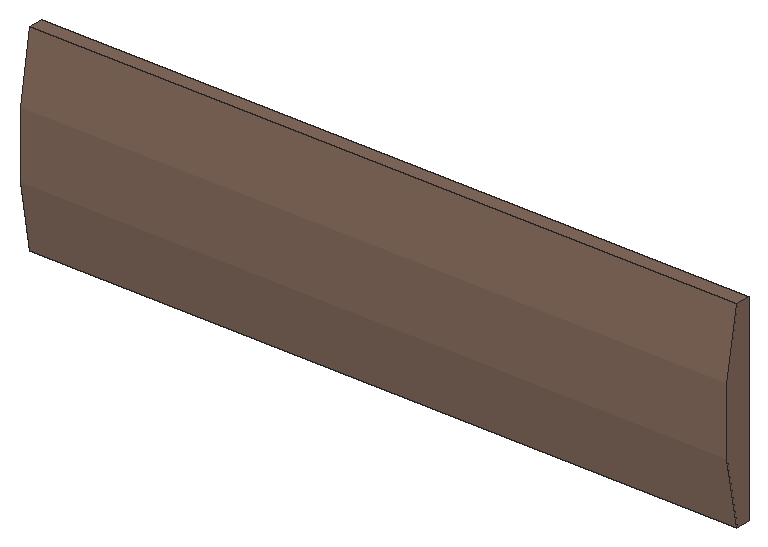
Revit family "Furniture_Chair_Abaco 756", category Furniture, Revit 2019
Family settings
  OmniClass Number = 23.21.23.15.17
  Work Plane-Based = Yes
  Always vertical = No
  Cut with Voids When Loaded = No
  Shared = No
  Room Calculation Point = No
Parameters (values of type "ABACO 756")
  Youtube clip = ""
  Uniformat II Description = "Movable Furnishings"
  Uniformat II Code = ""
  Uniclass 2015 Name = ""
  Uniclass 2015 Code = ""
  Uniclass 2.0 Description = ""
  Uniclass 2.0 Code = ""
  Uniclass 1.4 Description = ""
  Uniclass 1.4 Code = ""
  UNSPSC Code = ""
  Technical description = ""
  Shell Material = Leather - Percentage AK016
  Frame Material = Titanium
  Region South America = "All"
  Region Oceania = "All"
  Region North America = "All"
  Region Middle East = "All"
  Region Europe = "All"
  Region Asia = "All"
  Region Antarctica = "All"
  Region Africa = "All"
  QR code = "https://www.sandlerseating.com/product/abaco-756/"
  Product url = "https://www.sandlerseating.com/product/abaco-756/"
  Product name = "ABACO 756"
  Product group = "Chair"
  Product family = "Furniture"
  Product data url = "https://www.sandlerseating.com/product/abaco-756/"
  Product certification = ""
  Product SKU = "??"
  Product Guid = "??"
  OmniClass Description = ""
  OmniClass Code = "23-21 23 15 17"
  NBS Reference Description = ""
  NBS Reference Code = ""
  Model = "ABACO 756"
  Masterformat 2014 Description = "Chair Mats"
  Masterformat 2014 Code = "12 48 43.13"
  Manufacturer name = "Sandler"
  Manufacturer country = "USA"
  Manufacturer = "Sandler"
  Installation instructions = ""
  IFC Classification = "Furnishing Element"
  GTIN code = ""
  Edition number = 1
  Design country = "Brasil"
  Description = "Chair"
  Default Elevation = 0.000 mm
  Date of publishing = ""
  COBIe Type Category = ""
  Brand url = "https://www.sandlerseating.com/"
  BIMobject main category code = "furniture"
  BIMobject main category = "Furniture"
  BIMobject category code = "furniture-chair"
  BIMobject category = "Chair"
Reference planes
  plane 1 "Center Front/Back": y = 0
  plane 2: z = 0
  plane 3 "Center Left/Right": x = 0
  plane 4: x = 600
  plane 5: x = -600
  plane 6: z = 340
  plane 7: y = -50
Forms (mm)
  Extrusion 1, solid, material "Leather - Percentage AK016" <- "Shell Material"
    sketch origin (0, 0, 0) x (1, 0, 0) y (0, 0, 1)
      loop
        line (-600, 340) -> (-600, 0) -> (600, 0) -> (600, 340) -> (-600, 340)
    from 0 to 50
  Extrusion 2, void
    sketch origin (0, 0, 0) x (0, 1, 0) y (0, 0, 1)
      loop
        line (-25, 340) -> (-65, 340) -> (-65, 0) -> (-25, 0)
        arc (-25, 0) -> (-48.738, 170) -> (-25, 340) r 620.601
    from -600 to 600
Cuts and joins
  Extrusion 2 cuts Extrusion 1
Dimensions and locks
  aligned and locked: level to plane 2
  aligned and locked: plane 4 to cut or joined group of Extrusion 1, Extrusion 2  (x2)
  aligned and locked: cut or joined group of Extrusion 1, Extrusion 2 to plane 5  (x2)
